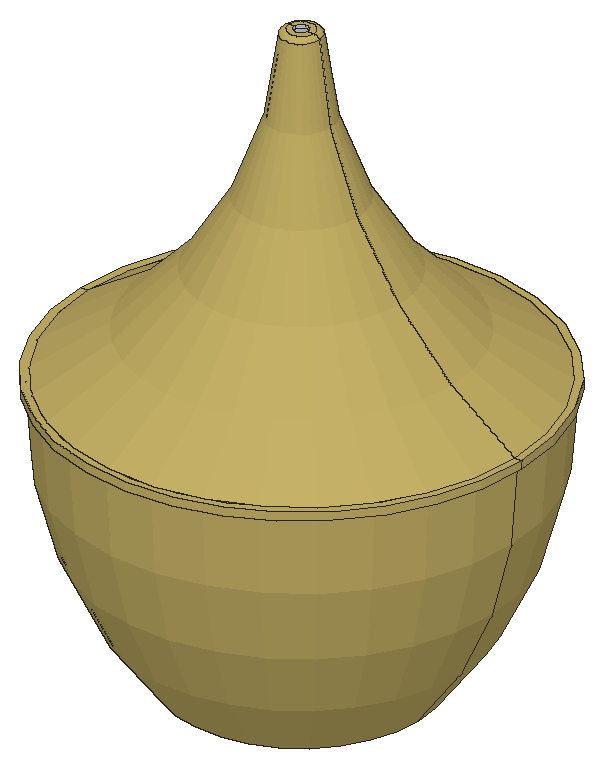
Revit family "PEL SHADE", category Lighting Fixtures, Revit 2024
Family settings
  Round Connector Dimension = Use Diameter
  Part Type = Normal
  OmniClass Number = 23.80.70.00
  OmniClass Title = Lighting
  Work Plane-Based = No
  Always vertical = Yes
  Cut with Voids When Loaded = No
  Light Source = Yes
  Maintain Annotation Orientation = No
  Shared = No
  Room Calculation Point = No
Parameters
  Wattage = 12.1178 W
  built-in parameter 1150110 = 1 (stored number, unit not read)
  built-in parameter 1114217 = 1 (stored number, unit not read)
  built-in parameter 1150109 = 1 (stored number, unit not read)
  built-in parameter 1150134 = (empty or 0)
  built-in parameter 1150113 = 1 (stored number, unit not read)
  Lumens = 1800 lm
  built-in parameter 1150115 = 1 (stored number, unit not read)
  built-in parameter 1150105 = 572.96 (stored number, unit not read)
  Light Source Symbol Size = 2' - 0"
  built-in parameter 1150137 = (empty or 0)
  built-in parameter 1150139 = (empty or 0)
  built-in parameter 1150112 = 1 (stored number, unit not read)
  built-in parameter 1150114 = 1 (stored number, unit not read)
  built-in parameter 1150132 = 2
  built-in parameter 1150102 = (empty or 0)
  built-in parameter 1150138 = (empty or 0)
  built-in parameter 1150107 = 3000 (stored number, unit not read)
  built-in parameter 1150106 = 5.7296 (stored number, unit not read)
  built-in parameter 1150104 = 13.8 (stored number, unit not read)
  Dimming Lamp Color Temperature Shift = (empty or 0)
  Default Elevation = 0' - 0"
  Color Filter = 16777215
  built-in parameter 1114218 = 1 (stored number, unit not read)
  built-in parameter 1150133 = 10 (stored number, unit not read)
Reference planes (in)
  plane 1 "Light Source Axis (F/B)": y = 0
  plane 2: z = 0
  plane 3 "Light Source Axis (L/R)": x = 0
  plane 4 "Light Source Elevation": z = 54
Forms (in)
  Revolve 1, solid
    sketch origin (0, 0, 0) x (1, 0, 0) y (0, 0, 1)
      loop
        arc (-7.85714, 63.5) -> (-6.96029, 58.40572) -> (-4.25, 54) r 13.79352
        line (-4.25, 54) -> (-4.12267, 54)
        arc (-4.12267, 54) -> (-6.87428, 58.44332) -> (-7.76171, 63.59375) r 13.69977
        line (-7.76171, 63.59375) -> (-7.90625, 63.59375) -> (-7.90625, 63.6922) -> (-7.7169, 63.6922)
        arc (-7.7169, 63.6922) -> (-2.64861, 68.3095) -> (-0.55634, 74.83862) r 13.28938
        arc (-0.55634, 74.83862) -> (-0.51099, 74.88799) -> (-0.4465, 74.90625) r 0.12301
        line (-0.4465, 74.90625) -> (-0.25, 74.90625) -> (-0.25, 75) -> (-0.4465, 75)
        arc (-0.4465, 75) -> (-0.56961, 74.96165) -> (-0.64915, 74.86016) r 0.21676
        arc (-0.64915, 74.86016) -> (-2.71676, 68.3769) -> (-7.73978, 63.78595) r 13.19563
        line (-7.73978, 63.78595) -> (-8, 63.78595) -> (-8, 63.5) -> (-7.85714, 63.5)
      axis (0, 75) -> (0, 54)
    angle from 0 to 360
Dimensions and locks (in)
  aligned and locked: plane 3 "Light Source Axis (L/R)" to imposter light
  aligned and locked: plane 1 "Light Source Axis (F/B)" to imposter light
  aligned and locked: plane 4 "Light Source Elevation" to imposter light
  aligned and locked: level to plane 2
